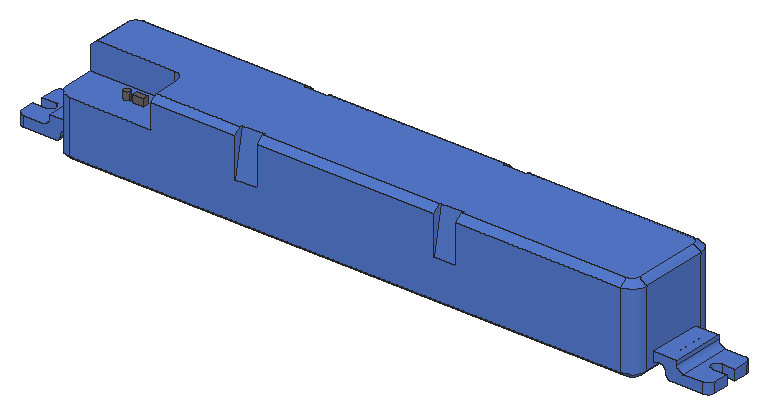
Revit family "3502A_NX_In_Fiture_Module_Inline", category Communication Devices, host Face, Revit 2021
Family settings
  Host = Face
  Maintain Annotation Orientation = No
  Round Connector Dimension = Use Diameter
  Part Type = Normal
  OmniClass Number = 23.85.80.11.27
  OmniClass Title = Lighting Controls
  Cut with Voids When Loaded = No
  Shared = Yes
  Room Calculation Point = No
Parameters
  Warranty = "5-Years Warranty"  # constant formula
  Voltage = 120 V
  Type Comments = "In-Fixture Module- Inline\r"  # constant formula
  Product Page URL = ""
  Product Documentation Link = ""
  URL = "https://www.currentlighting.com/nxlightingcontrols"
  Model = " NXFM series in-fixture module"  # constant formula
  Manufacturer = "NXlightingcontrols"  # constant formula
  Sensing Element = Paint - Carbon Black
  Features = "Designed for installation within luminaire housing\r\n• Universal Voltage, 120 - 347V\r\n• Space saving in-line flying leads, connector and mounting tabs\r\n• Integral relay for On/Off control\r\n• Continuous dimming 0 - 10V\r\n• Second dimming channel for variable color temperature\r\n• Compatible with SpectraSync™ enabled luminaires\r\n• Wireless programming via free Smart Device App*\r\n• Create and download schedules via Smart Device App*\r\n• SmartPORT™ technology for plug-in control and radio options\r\n• Suitable for indoor and outdoor applications\r\n• 5 year limited warranty"  # constant formula
  Electrical Rating = "Input: 120-347VAC, 10A Max, 50-60Hz\r\nOutput: 10A, 120VAC only Incandescent\r\n 10A, 120-347VAC, Magnetic Ballast\r\n 5A, 120-277VAC, Electronic Ballast\r\n 3A, 347VAC, Electronic Ballast\r\nSurge Withstand: 2000V\r\nPeak Inrush: 160A for 2 ms Max"  # constant formula
  Description = "It enables a complete control solution for a single luminaire"  # constant formula
  Default Elevation = 48.00"
  Copyright = "Copyright ©  NXlightingcontrols"  # constant formula
  Contact Us = ""
  Housing Material = Metal-Aluminum Anodized Blue
  Certifications = "Conforms with UL916 and Certified to CAN/CSA C22.2 No. 205-M1983\r\nIC Approved"
  Assembly Code = "D5090"
  Apparent Load = 0 VA
Reference planes (in)
  plane 1 "Center (Front/Back)": y = 11.68155
  plane 2: z = 0
  plane 3 "Center (Left/Right)": x = 0
  plane 4: z = 1.38
  plane 5: y = 11.98155
  plane 6: y = 11.38155
  plane 7: x = -3.95
  plane 8: x = 3.95
  plane 9: x = 3.3
  plane 10: x = -3.3
Forms (in)
  Extrusion 1, solid, material "Metal-Aluminum Anodized Blue" <- "Housing Material"
    sketch origin (0, 0, 0) x (1, 0, 0) y (0, 1, 0)
      loop
        arc (-3.13909, 12.23155) -> (-3.25287, 12.18442) -> (-3.3, 12.07064) r 0.16091
        line (-3.3, 12.07064) -> (-3.3, 11.29078)
        arc (-3.3, 11.29078) -> (-3.25337, 11.17819) -> (-3.14078, 11.13155) r 0.15922
        line (-3.14078, 11.13155) -> (3.14, 11.13155)
        arc (3.14, 11.13155) -> (3.25314, 11.17842) -> (3.3, 11.29155) r 0.16
        line (3.3, 11.29155) -> (3.3, 12.07155)
        arc (3.3, 12.07155) -> (3.25314, 12.18469) -> (3.14, 12.23155) r 0.16
        line (3.14, 12.23155) -> (-3.13909, 12.23155)
    from 1 to 0
  Extrusion 2, solid, material "Metal-Aluminum Anodized Blue" <- "Housing Material"
    sketch origin (0, 11.68155, 0) x (1, 0, 0) y (0, 0, 1)
      loop
        line (-3.95, 0) -> (-3.50334, 0)
        arc (-3.50334, 0) -> (-3.46562, 0.01562) -> (-3.45, 0.05334) r 0.05334
        arc (-3.45, 0.05334) -> (-3.39538, 0.13419) -> (-3.3, 0.11369) r 0.08714
        line (-3.3, 0.11369) -> (-3.3, 0.23146) -> (-3.56974, 0.23146) -> (-3.56974, 0.18777)
        arc (-3.56974, 0.18777) -> (-3.59144, 0.13539) -> (-3.64382, 0.11369) r 0.07408
        line (-3.64382, 0.11369) -> (-3.95, 0.11369) -> (-3.95, 0)
      loop
        line (3.95, 0) -> (3.95, 0.11369) -> (3.64382, 0.11369)
        arc (3.64382, 0.11369) -> (3.59144, 0.13539) -> (3.56974, 0.18777) r 0.07408
        line (3.56974, 0.18777) -> (3.56974, 0.23146) -> (3.3, 0.23146) -> (3.3, 0.11369)
        arc (3.3, 0.11369) -> (3.39538, 0.13419) -> (3.45, 0.05334) r 0.08714
        arc (3.45, 0.05334) -> (3.46562, 0.01562) -> (3.50334, 0) r 0.05334
        line (3.50334, 0) -> (3.95, 0)
    from 0.3 to -0.3
  Sweep 3, void
    path in 3D
      loop
        arc (-3.13909, 12.23155, 1) -> (-3.25287, 12.18442, 1) -> (-3.3, 12.07064, 1) r 0.16091
        line (-3.3, 12.07064, 1) -> (-3.3, 11.29078, 1)
        arc (-3.3, 11.29078, 1) -> (-3.25337, 11.17819, 1) -> (-3.14078, 11.13155, 1) r 0.15922
        line (-3.14078, 11.13155, 1) -> (3.14, 11.13155, 1)
        arc (3.14, 11.13155, 1) -> (3.25314, 11.17842, 1) -> (3.3, 11.29155, 1) r 0.16
        line (3.3, 11.29155, 1) -> (3.3, 12.07155, 1)
        arc (3.3, 12.07155, 1) -> (3.25314, 12.18469, 1) -> (3.14, 12.23155, 1) r 0.16
        line (3.14, 12.23155, 1) -> (-3.13909, 12.23155, 1)
    profile origin (0.00046, 12.23155, 1) x (0, -1, 0) y (0, 0, 1)
      loop
        line (-0.05305, 0.02815) -> (-0.05305, -0.14827)
        arc (-0.05305, -0.14827) -> (0.02539, -0.03978) -> (0.14076, 0.02815) r 0.32681
        line (0.14076, 0.02815) -> (-0.05305, 0.02815)
  Extrusion 4, void
    sketch origin (0, 0, 0) x (1, 0, 0) y (0, 1, 0)
      loop
        line (-3.3, 11.13155) -> (-2.21869, 11.13155) -> (-2.21869, 11.49441)
        arc (-2.21869, 11.49441) -> (-2.25886, 11.59138) -> (-2.35584, 11.63155) r 0.13715
        line (-2.35584, 11.63155) -> (-3.3, 11.63155) -> (-3.3, 11.13155)
    from 1 to 0.66621
  Extrusion 5, void
    sketch origin (0, 0, 0) x (1, 0, 0) y (0, 1, 0)
      loop
        line (-3.95, 11.6171) -> (-3.79428, 11.6171)
        arc (-3.79428, 11.6171) -> (-3.73128, 11.6801) -> (-3.79428, 11.7431) r 0.063
        line (-3.79428, 11.7431) -> (-3.95, 11.7431) -> (-3.95, 11.6171)
      loop
        line (-3.95, 11.98155) -> (-3.95, 11.91272)
        arc (-3.95, 11.91272) -> (-3.92222, 11.96202) -> (-3.86912, 11.98155) r 0.08193
        line (-3.86912, 11.98155) -> (-3.95, 11.98155)
      loop
        line (-3.95, 11.38155) -> (-3.86912, 11.38155)
        arc (-3.86912, 11.38155) -> (-3.92222, 11.40109) -> (-3.95, 11.45039) r 0.08193
        line (-3.95, 11.45039) -> (-3.95, 11.38155)
      loop
        line (3.95, 11.6171) -> (3.95, 11.7431) -> (3.79428, 11.7431)
        arc (3.79428, 11.7431) -> (3.73128, 11.6801) -> (3.79428, 11.6171) r 0.063
        line (3.79428, 11.6171) -> (3.95, 11.6171)
      loop
        line (3.95, 11.98155) -> (3.86912, 11.98155)
        arc (3.86912, 11.98155) -> (3.92222, 11.96202) -> (3.95, 11.91272) r 0.08193
        line (3.95, 11.91272) -> (3.95, 11.98155)
      loop
        line (3.95, 11.38155) -> (3.95, 11.45039)
        arc (3.95, 11.45039) -> (3.92222, 11.40109) -> (3.86912, 11.38155) r 0.08193
        line (3.86912, 11.38155) -> (3.95, 11.38155)
    from 1 to 0
  Extrusion 6, void
    sketch origin (0, 0, 0) x (0, -1, 0) y (0, 0, 1)
      loop
        line (-12.23155, 1) -> (-12.23155, 0.49375) -> (-12.13005, 1) -> (-12.23155, 1)
    from 1.26 to 1.00583
  Extrusion 7, void
    sketch origin (0, 0, 0) x (0, -1, 0) y (0, 0, -1)
      loop
        line (-12.23155, -1.02815) -> (-12.12441, -1.02815) -> (-12.23155, -0.49375) -> (-12.23155, -1.02815)
    from 1.26 to 1.00583
  Extrusion 8, void
    sketch origin (0, 23.36311, 0) x (0, 1, 0) y (0, 0, -1)
      loop
        line (-12.23155, -1) -> (-12.13005, -1) -> (-12.23155, -0.49375) -> (-12.23155, -1)
    from 1.26 to 1.00583
  Extrusion 9, void
    sketch origin (0, 23.36311, 0) x (0, 1, 0) y (0, 0, 1)
      loop
        line (-12.23155, 1) -> (-12.23155, 0.49375) -> (-12.13005, 1) -> (-12.23155, 1)
    from 1.26 to 1.00583
  Sweep 10, void
    path in 3D
      loop
        arc (-3.13909, 12.23155, 0) -> (-3.25287, 12.18442, 0) -> (-3.3, 12.07064, 0) r 0.16091
        line (-3.3, 12.07064, 0) -> (-3.3, 11.29078, 0)
        arc (-3.3, 11.29078, 0) -> (-3.25337, 11.17819, 0) -> (-3.14078, 11.13155, 0) r 0.15922
        line (-3.14078, 11.13155, 0) -> (3.14, 11.13155, 0)
        arc (3.14, 11.13155, 0) -> (3.25314, 11.17842, 0) -> (3.3, 11.29155, 0) r 0.16
        line (3.3, 11.29155, 0) -> (3.3, 12.07155, 0)
        arc (3.3, 12.07155, 0) -> (3.25314, 12.18469, 0) -> (3.14, 12.23155, 0) r 0.16
        line (3.14, 12.23155, 0) -> (-3.13909, 12.23155, 0)
    profile origin (0.00046, 12.23155, 0) x (0, 1, 0) y (0, 0, -1)
      loop
        line (0.05305, 0.02815) -> (-0.14076, 0.02815)
        arc (-0.14076, 0.02815) -> (-0.02539, -0.03978) -> (0.05305, -0.14827) r 0.32681
        line (0.05305, -0.14827) -> (0.05305, 0.02815)
  Extrusion 11, solid, material "Paint - Carbon Black" <- "Sensing Element"
    sketch origin (0, 0, 0) x (1, 0, 0) y (0, 1, 0)
      loop
        line (-2.53306, 11.41489) -> (-2.53306, 11.47192) -> (-2.65555, 11.47192) -> (-2.65555, 11.41489) -> (-2.53306, 11.41489)
      loop
        circle (-2.74061, 11.44083) r 0.03657
    from 0.74561 to 0.56999
Cuts and joins
  Sweep 3, Extrusion 4, Extrusion 6, Extrusion 7, Extrusion 8, Extrusion 9, Sweep 10 cuts Extrusion 1
  Extrusion 4, Extrusion 5 cuts Extrusion 2
  joined: Extrusion 1, Extrusion 2
Lines and regions (in)
  sketch lines
    curve 1: line (3.14, 12.23155, 1) -> (-3.13909, 12.23155, 1)
    curve 2: arc (-3.3, 12.07064, 1) -> (-3.25287, 12.18442, 1) -> (-3.13909, 12.23155, 1) r 0.16091
    curve 3: line (-3.3, 12.07064, 1) -> (-3.3, 11.29078, 1)
    curve 4: arc (-3.14078, 11.13155, 1) -> (-3.25337, 11.17819, 1) -> (-3.3, 11.29078, 1) r 0.15922
    curve 5: line (3.3, 11.29155, 1) -> (3.3, 12.07155, 1)
    curve 6: arc (3.14, 12.23155, 1) -> (3.25314, 12.18469, 1) -> (3.3, 12.07155, 1) r 0.16
    curve 7: arc (3.3, 11.29155, 1) -> (3.25314, 11.17842, 1) -> (3.14, 11.13155, 1) r 0.16
    curve 8: line (-3.14078, 11.13155, 1) -> (3.14, 11.13155, 1)
    curve 9: line (3.14, 12.23155, 0) -> (-3.13909, 12.23155, 0)
    curve 10: arc (-3.3, 12.07064, 0) -> (-3.25287, 12.18442, 0) -> (-3.13909, 12.23155, 0) r 0.16091
    curve 11: line (-3.3, 12.07064, 0) -> (-3.3, 11.29078, 0)
    curve 12: arc (-3.14078, 11.13155, 0) -> (-3.25337, 11.17819, 0) -> (-3.3, 11.29078, 0) r 0.15922
    curve 13: line (3.3, 11.29155, 0) -> (3.3, 12.07155, 0)
    curve 14: arc (3.14, 12.23155, 0) -> (3.25314, 12.18469, 0) -> (3.3, 12.07155, 0) r 0.16
    curve 15: arc (3.3, 11.29155, 0) -> (3.25314, 11.17842, 0) -> (3.14, 11.13155, 0) r 0.16
    curve 16: line (-3.14078, 11.13155, 0) -> (3.14, 11.13155, 0)
Dimensions and locks (in)
  plane 4 to plane 2 = 1.38"
  cut or joined group of Extrusion 1, Extrusion 2, Sweep 3, Extrusion 4, Extrusion 5, Extrusion 6, Extrusion 7, Extrusion 8, Extrusion 9, Sweep 10 to host face = 0.66621"
  aligned and locked: plane 2 to host face
  aligned and locked: level to host face
  aligned and locked: Extrusion 2 to plane 5
  aligned and locked: plane 6 to Extrusion 2
